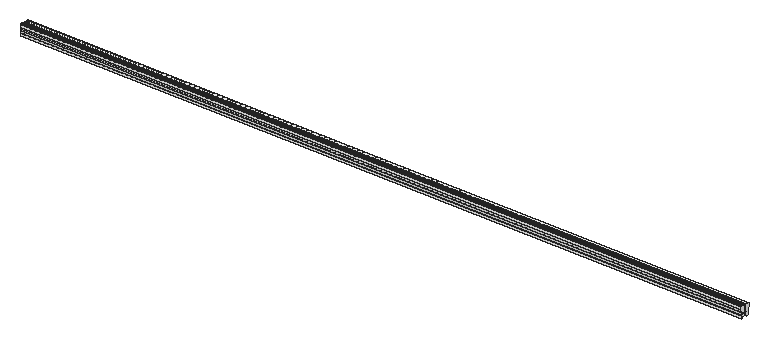
Revit family "2020759 Feilo Sylvania Lighting Fixtures LYTESPAN 3 3M TRACK SIL", category Lighting Fixtures, host Face, Revit 2017
Family settings
  Host = Face
  Round Connector Dimension = Use Diameter
  Part Type = Normal
  OmniClass Number = 23.80.70.00
  OmniClass Title = Lighting
  Cut with Voids When Loaded = No
  Light Source = No
  Shared = No
  Room Calculation Point = No
Parameters (values of type "2020759 LYTESPAN 3 3M TRACK SIL")
  _DistributedBy = "//www.feilosylvania.com/en-int/"
  _CurrentRevision = 1
  _CreatedBy = "http://www.feilosylvania.com/en-int/"
  _BimstoreBibleVersion = "15"
  _BimSpecGuid = 0
  _Author = "Viktoria Kollar"
  Weight = "2.73 kg"
  WarrantyStartDate [instance] = ""
  WarrantyGuarantorParts = "n/a"
  WarrantyDurationUnit = "n/a"
  WarrantyDurationParts = "n/a"
  WarrantyDescription = "n/a"
  URL = "http://www.sylvania-lighting.com"
  TypeName = "LYTESPAN 3 3M TRACK SIL"
  Type Image = 2020760.jpg
  Type Comments = "n/a"
  TransformerRequired = yes
  SerialNumber [instance] = ""
  NominalLength = 3000 mm
  NominalHeight = 45 mm
  NominalDepth = 37 mm
  Name = "LYTESPAN 3 3M TRACK SIL"
  NBSReference = "n/a"
  NBSOfficeMasterTag = "n/a"
  NBSObjectName = "n/a"
  NBSNote = "n/a"
  NBSDescription = "n/a"
  ModelReference = "LYTESPAN 3 3M TRACK SIL"
  ModelNumber = "2020759"
  Model = "LYTESPAN 3 3M TRACK SIL"
  ManufacturerName = "Feilo Sylvania"
  Manufacturer = "Feilo Sylvania"
  LuminaireType = ""
  Lamp = "LED"
  Keynote = "16500"
  InstallationDate [instance] = ""
  InputVoltage = "240V~"
  IfcExportType = "IfcLightFixtureType"
  IfcExportAs = "IfcLightFixtureType"
  Housing material = White aluminium
  ElectricShockClassification = "Class I"
  DocumentationLiterature = "http://www.sylvania-lighting.com/product/en-int/products/2020759"
  Description = "3 Circuit Track, compact venturi trunk profile, extruded aluminium body, suitable for surface mounting and suspending, (LxWxH) 3000x37x45mm, 2.75kg, Silver RAL 9006, Class 1, maximum installed load: 3x3680W (11040W), fuse: 3x16A, supply cable: 5 x 1.5mm², 400 VAC supply"
  Default Elevation = 0 mm
  CreatedOn = "14/11/2017"
  CreatedBy = ""
  Cost = 0
  Color = "Aluminium white"
  ClassificationValue = "EF_70_80"
  ClassificationName = "Uniclass2015"
  BarCode [instance] = ""
  BIMObjectName = "n/a"
  AssetType = "Fixed"
  AssetIdentifier [instance] = ""
  Assembly Code = "D5020200"
  Apparent Load = 0 VA
Reference planes
  plane 1 "Center (Front/Back)": y = 0
  plane 2: z = 0
  plane 3 "Center (Left/Right)": x = 0
  plane 4: x = -1500
  plane 5: x = 1500
  plane 6: z = 36.5
  plane 7: z = 18.5
  plane 8: z = 27.5
  plane 9: z = 30
  plane 10: z = 33
  plane 11: z = 45
  plane 12: z = 25
  plane 13: z = 22
  plane 14: y = 5.75
  plane 15: y = -5.75
  plane 16: y = 9.25
  plane 17: y = -9.25
  plane 18: y = 13.25
  plane 19: y = -13.25
  plane 20: y = -14.75
  plane 21: y = 14.75
  plane 22: y = 18.5
  plane 23: y = -18.5
  plane 24: z = 31
  plane 25: y = 16.55
  plane 26: y = -16.55
  plane 27: z = 38.7
  plane 28: y = 7
  plane 29: y = -7
  plane 30: z = 40.9
  plane 31: z = 43.1
Forms (mm)
  Extrusion 1, solid, material "White aluminium" <- "Housing material"
    sketch origin (0, 0, 45) x (0, 1, 0) y (0, 0, 1)
      loop
        line (14.75, -45) -> (14.75, -34.582) -> (16.616, -24) -> (18.5, -12) -> (18.5, 0) -> (7, 0) -> (7, -1.9) -> (13.25, -1.9) -> (13.25, -4.1) -> (7, -4.1) -> (7, -6.3) -> (16.55, -6.3) -> (16.55, -14) -> (13.25, -14) -> (13.25, -12) -> (9.25, -8.5) -> (5.75, -8.5) -> (5.75, -12) -> (9.25, -12) -> (9.25, -15) -> (5.75, -15) -> (5.75, -20) -> (9.25, -20) -> (9.25, -23) -> (5.75, -23) -> (5.75, -26.5) -> (9.25, -26.5) -> (13.25, -23) -> (15.119, -23) -> (15.119, -24) -> (13.383, -33.848) -> (9.529, -33.848) -> (9.529, -30) -> (-4.255, -30) -> (-9.75, -33.848) -> (-13, -33.848) -> (-15.119, -23.803) -> (-15.119, -23) -> (-13.25, -23) -> (-9.25, -26.5) -> (-5.75, -26.5) -> (-5.75, -23) -> (-9.25, -23) -> (-9.25, -20) -> (-5.75, -20) -> (-5.75, -15) -> (-9.25, -15) -> (-9.25, -12) -> (-5.75, -12) -> (-5.75, -8.5) -> (-9.25, -8.5) -> (-13.25, -12) -> (-13.25, -14) -> (-16.55, -14) -> (-16.55, -6.3) -> (-7, -6.3) -> (-7, 0) -> (-9.25, 0) -> (-9.25, -4.1) -> (-16.55, -4.1) -> (-16.55, 0) -> (-18.5, 0) -> (-18.5, -12) -> (-16.616, -24) -> (-14.75, -33.164) -> (-14.75, -45) -> (-13.25, -45) -> (-13.25, -35.764)
        arc (-13.25, -35.764) -> (-9.111, -38.754) -> (-4.329, -40.542) r 19.123
        line (-4.329, -40.542) -> (-4.329, -39.56)
        arc (-4.329, -39.56) -> (-7.777, -38.158) -> (-10.813, -36.003) r 16.148
        line (-10.813, -36.003) -> (-7.392, -36.003) -> (-3.107, -33) -> (7.392, -33) -> (7.392, -36.003) -> (10.813, -36.003)
        arc (10.813, -36.003) -> (7.777, -38.158) -> (4.329, -39.56) r 16.148
        line (4.329, -39.56) -> (4.329, -40.542)
        arc (4.329, -40.542) -> (9.111, -38.754) -> (13.25, -35.764) r 19.123
        line (13.25, -35.764) -> (13.25, -45) -> (14.75, -45)
    from -1500 to 1500
Dimensions and locks
  "NominalLength": plane 5 to plane 4
  equal spacing: plane 5, plane 3 "Center (Left/Right)", plane 4
  "NominalHeight": plane 11 to host face
  locked: plane 11 to plane 8 at 17.5
  locked: plane 6 to plane 7 at 18
  equal spacing: plane 6, plane 8, plane 7
  locked: plane 13 to plane 7 at 3.5
  locked: plane 6 to plane 10 at 3.5
  equal spacing: plane 9, plane 8, plane 12
  locked: plane 9 to plane 12 at 5
  equal spacing: plane 14, plane 1 "Center (Front/Back)", plane 15
  locked: plane 14 to plane 15 at 11.5
  equal spacing: plane 16, plane 1 "Center (Front/Back)", plane 17
  locked: plane 16 to plane 17 at 18.5
  equal spacing: plane 18, plane 1 "Center (Front/Back)", plane 19
  locked: plane 18 to plane 19 at 26.5
  "NominalDepth": plane 22 to plane 23
  aligned and locked: plane 2 to host face
  aligned and locked: level to host face
  aligned and locked: plane 6 to Extrusion 1  (x3)
  aligned and locked: plane 14 to Extrusion 1  (x3)
  aligned and locked: Extrusion 1 to plane 15  (x3)
  aligned and locked: Extrusion 1 to plane 10  (x2)
  aligned and locked: plane 9 to Extrusion 1  (x2)
  aligned and locked: Extrusion 1 to plane 12  (x2)
  aligned and locked: plane 13 to Extrusion 1  (x2)
  aligned and locked: Extrusion 1 to plane 7  (x2)
  aligned and locked: plane 18 to Extrusion 1
  aligned and locked: Extrusion 1 to plane 19
  aligned and locked: Extrusion 1 to plane 20
  aligned and locked: plane 21 to Extrusion 1
  aligned and locked: plane 25 to Extrusion 1
  aligned and locked: Extrusion 1 to plane 26
  aligned and locked: Extrusion 1 sketch curve to plane 27  (x2)
  aligned and locked: plane 26 to Extrusion 1 sketch curve
  aligned and locked: Extrusion 1 sketch curve to plane 26
  aligned and locked: Extrusion 1 sketch curve to plane 23
  aligned and locked: plane 11 to Extrusion 1 sketch curve  (x3)
  aligned and locked: plane 30 to Extrusion 1 sketch curve  (x2)
  aligned and locked: plane 17 to Extrusion 1 sketch curve
  aligned and locked: Extrusion 1 sketch curve to plane 29
  aligned and locked: plane 28 to Extrusion 1 sketch curve  (x2)
  aligned and locked: plane 18 to Extrusion 1 sketch curve
  aligned and locked: Extrusion 1 sketch curve to plane 31
  aligned and locked: Extrusion 1 sketch curve to plane 22
  aligned and locked: Extrusion 1 to plane 4
  aligned and locked: plane 5 to Extrusion 1
Automatic sketch dimensions
  host sketch curve to host sketch curve = 2438.4 mm  (x2)
  Extrusion 1 sketch curve to plane 24 = 0 mm  (x2)
  Extrusion 1 sketch curve to plane 13 = 0 mm  (x4)
  Extrusion 1 sketch curve to plane 20 = 0 mm
  Extrusion 1 sketch curve to plane 19 = 0 mm  (x3)
  Extrusion 1 sketch curve to plane 10 = 0 mm  (x6)
  Extrusion 1 sketch curve to level = 0 mm  (x2)
  Extrusion 1 sketch curve to plane 17 = 0 mm  (x4)
  Extrusion 1 sketch curve to plane 6 = 0 mm  (x2)
  Extrusion 1 sketch curve to plane 7 = 0 mm  (x2)
  Extrusion 1 sketch curve to plane 9 = 0 mm  (x2)
  Extrusion 1 sketch curve to plane 15 = 0 mm  (x3)
  Extrusion 1 sketch curve to plane 12 = 0 mm  (x2)
  Extrusion 1 sketch curve to plane 14 = 0 mm  (x3)
  Extrusion 1 sketch curve to plane 16 = 0 mm  (x4)
  Extrusion 1 sketch curve to plane 18 = 0 mm  (x3)
  Extrusion 1 sketch curve to plane 21 = 0 mm
  Extrusion 1 sketch curve to plane 25 = 0 mm
  Extrusion 1 sketch curve to plane 26 = 0.066 mm
  plane 20 to Extrusion 1 sketch curve = 0.369 mm
  plane 19 to Extrusion 1 sketch curve = 0.25 mm
  Extrusion 1 sketch curve to plane 17 = 1.563 mm
  Extrusion 1 sketch curve to plane 17 = 0.5 mm
  Extrusion 1 sketch curve to plane 29 = 0.392 mm
  plane 15 to Extrusion 1 sketch curve = 1.421 mm
  plane 15 to Extrusion 1 sketch curve = 1.495 mm
  plane 15 to Extrusion 1 sketch curve = 2.643 mm
  Extrusion 1 sketch curve to plane 1 "Center (Front/Back)" = 0.082 mm
  Extrusion 1 sketch curve to plane 1 "Center (Front/Back)" = 0.01 mm
  plane 1 "Center (Front/Back)" to Extrusion 1 sketch curve = 0.01 mm
  plane 1 "Center (Front/Back)" to Extrusion 1 sketch curve = 0.082 mm
  Extrusion 1 sketch curve to plane 14 = 1.421 mm
  plane 28 to Extrusion 1 sketch curve = 0.392 mm
  plane 16 to Extrusion 1 sketch curve = 0.279 mm
  plane 16 to Extrusion 1 sketch curve = 1.563 mm
  plane 18 to Extrusion 1 sketch curve = 0.133 mm
  Extrusion 1 sketch curve to plane 21 = 0.369 mm
  plane 25 to Extrusion 1 sketch curve = 0.066 mm
  Extrusion 1 sketch curve to plane 13 = 1.104 mm
  Extrusion 1 sketch curve to Extrusion 1 sketch curve = 0 mm  (x2)
  plane 13 to Extrusion 1 sketch curve = 0.803 mm
  plane 13 to Extrusion 1 sketch curve = 1 mm  (x4)
  plane 7 to Extrusion 1 sketch curve = 3.5 mm
  Extrusion 1 sketch curve to Extrusion 1 sketch curve = 3 mm
  plane 7 to Extrusion 1 sketch curve = 6.664 mm
  Extrusion 1 sketch curve to Extrusion 1 sketch curve = 0.684 mm
  Extrusion 1 sketch curve to Extrusion 1 sketch curve = 3.848 mm
  Extrusion 1 sketch curve to Extrusion 1 sketch curve = 0.734 mm
  Extrusion 1 sketch curve to Extrusion 1 sketch curve = 1.181 mm
  Extrusion 1 sketch curve to Extrusion 1 sketch curve = 1.916 mm
  Extrusion 1 sketch curve to Extrusion 1 sketch curve = 2.155 mm
  Extrusion 1 sketch curve to Extrusion 1 sketch curve = 0.24 mm
Connectors
  electrical at (0, 0, 0)
    settings: on host face, index 1, voltage 0 V, apparent load 0 VA, apparent load phase1 0 VA, apparent load phase2 0 VA, apparent load phase3 0 VA, power factor 1, load classification "Other", number of poles 1, system type 31, power factor state 1, is connector primary yes, connector utility no, sub classification motor no, connector description ""
